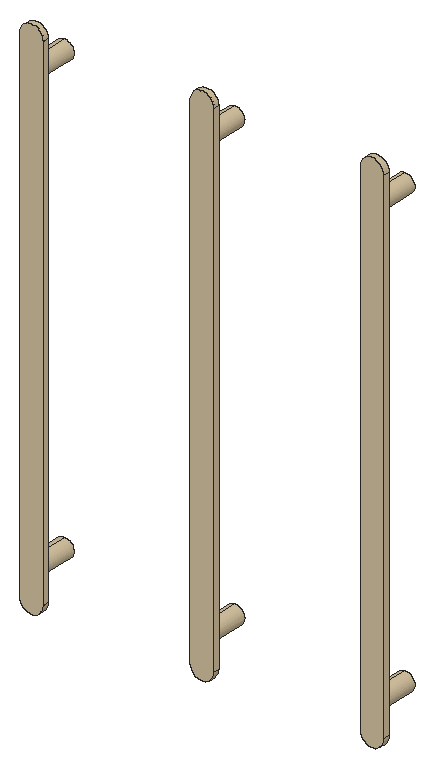
Revit family "Reece_Accessory_Mizu_Soothe_Heated Towel Rail_Vertical_Triple", category Plumbing Fixtures, Revit 2018
Family settings
  Round Connector Dimension = Use Diameter
  Part Type = Normal
  Work Plane-Based = Yes
  Always vertical = Yes
  Cut with Voids When Loaded = Yes
  Shared = Yes
  Room Calculation Point = Yes
Parameters (values of type "Brushed Gold")
  URL = "https://www.reece.com.au/product/-2002800"
  Type Comments = "Accessory"
  Reece_Right_Rail_Spacing [instance] = 290 mm
  Reece_Right_Offset [instance] = if(Reece_Right_Rail_Spacing < 40 mm, 40 mm, if(Reece_Right_Rail_Spacing > 32 mm, Reece_Right_Rail_Spacing, Reece_Right_Rail_Spacing))  # 290 mm
  Reece_Product_Web Page = "https://www.reece.com.au/product/-2002800"
  Reece_Product_Type = "Accessory"  # constant formula
  Reece_Product_Sub Brand = "Soothe"  # constant formula
  Reece_Product_Number = "2002800"
  Reece_Product_Mount = "Wall Mounted"  # constant formula
  Reece_Product_Description = "Mizu Soothe Vertical Heated Towel Rail (Triple Pack) Brushed Gold"
  Reece_Product_Brand = "Mizu"  # constant formula
  Reece_Overall_Width = 40 mm  # constant formula
  Reece_Overall_Height = 900 mm  # constant formula
  Reece_Material_Main = Reece_Brass_Brushed Gold
  Reece_Left_Rail_Spacing [instance] = 290 mm
  Reece_Left_Offset [instance] = if(Reece_Left_Rail_Spacing < 40 mm, 40 mm, if(Reece_Left_Rail_Spacing > 32 mm, Reece_Left_Rail_Spacing, Reece_Left_Rail_Spacing))  # 290 mm
  Reece_Height_From_Level [instance] = 600 mm
  Reece_Fixing_Point_Distance = 760 mm  # constant formula
  Reece_Electrical_Wattage = 20 W  # constant formula
  Reece_Electrical_Voltage = 12 V  # constant formula
  Reece_Electrical_IP Rating = "IP45"  # constant formula
  Reece_Detail_Shape = ""
  Reece_Detail_Installation = ""
  Reece_Detail_Connector = "Electrical input required. Refer to the product web page for further details."  # constant formula
  Reece_Detail_Additional = "Triple Pack, Vertical"  # constant formula
  Reece_Bottom_Offset [instance] = if(Reece_Height_From_Level < 600 mm, 600 mm, if(Reece_Height_From_Level > 600 mm, Reece_Height_From_Level, if(Reece_Height_From_Level = 0 mm, Reece_Height_From_Level, Reece_Height_From_Level)))  # 600 mm
  Reece_Accessory_Projection = 70 mm  # constant formula
  Model = "Soothe"
  Manufacturer = "Mizu"
  Keynote = "Product #2002800, Reece_Accessory_Mizu_Soothe_Heated Towel Rail_Vertical_Triple - Brushed Gold"
  Disclaimer = "THIS FILE IS THE PROPERTY OF THE REECE GROUP. IT MAY NOT BE REPRODUCED, REVERSE-ENGINEERED OR MODIFIED. ANY REPUBLICATION, TRANSMISSION OR DISTRIBUTION FOR THE PURPOSE OF COMMERCIALLY EXPLOITING THE FILES IS PROHIBITED."  # constant formula
  Description = "Mizu Soothe Vertical Heated Towel Rail (Triple Pack) Brushed Gold"
  Default Elevation = 0 mm
Types (5, lengths in mm): name | URL | Reece_Product_Web Page | Reece_Product_Number | Reece_Product_Description | Reece_Material_Main | Keynote | Description
  Polished Stainless Steel | "https://www.reece.com.au/product/-2002797" | "https://www.reece.com.au/product/-2002797" | "2002797" | "Mizu Soothe Vertical Heated Towel Rail (Triple Pack) Polished Stainless Steel" | Reece_Metal_Stainless Steel_Polished | "Product #2002797, Reece_Accessory_Mizu_Soothe_Heated Towel Rail_Vertical_Triple - Polished Stainless Steel" | "Mizu Soothe Vertical Heated Towel Rail (Triple Pack) Polished Stainless Steel"
  Brushed Stainless Steel | "https://www.reece.com.au/product/-2002798" | "https://www.reece.com.au/product/-2002798" | "2002798" | "Mizu Soothe Vertical Heated Towel Rail (Triple Pack) Brushed Stainless Steel" | Reece_Brass_Brushed Stainless Steel | "Product #2002798, Reece_Accessory_Mizu_Soothe_Heated Towel Rail_Vertical_Triple - Brushed Stainless Steel" | "Mizu Soothe Vertical Heated Towel Rail (Triple Pack) Brushed Stainless Steel"
  Matte Black | "https://www.reece.com.au/product/-2002799" | "https://www.reece.com.au/product/-2002799" | "2002799" | "Mizu Soothe Vertical Heated Towel Rail (Triple Pack) Matte Black" | Reece_Brass_Matte Black | "Product #2002799, Reece_Accessory_Mizu_Soothe_Heated Towel Rail_Vertical_Triple - Matte Black" | "Mizu Soothe Vertical Heated Towel Rail (Triple Pack) Matte Black"
  Brushed Gold | "https://www.reece.com.au/product/-2002800" | "https://www.reece.com.au/product/-2002800" | "2002800" | "Mizu Soothe Vertical Heated Towel Rail (Triple Pack) Brushed Gold" | Reece_Brass_Brushed Gold | "Product #2002800, Reece_Accessory_Mizu_Soothe_Heated Towel Rail_Vertical_Triple - Brushed Gold" | "Mizu Soothe Vertical Heated Towel Rail (Triple Pack) Brushed Gold"
  Brushed Gunmetal | "https://www.reece.com.au/product/-2007892" | "https://www.reece.com.au/product/-2007892" | "2007892" | "Mizu Soothe Vertical Heated Towel Rail (Triple Pack) Brushed Gunmetal" | Reece_Brass_Brushed Gunmetal | "Product #2007892, Reece_Accessory_Mizu_Soothe_Heated Towel Rail_Vertical_Triple - Brushed Gunmetal" | "Mizu Soothe Vertical Heated Towel Rail (Triple Pack) Brushed Gunmetal"
Reference planes
  plane 1 "Center (Front/Back)": y = 0
  plane 2 "Bottom Host Plane": z = -5
  plane 3 "Center (Left/Right)": x = 0
  plane 4 "Fixing Point": z = 600
  plane 5: y = -70
  plane 6: z = 1500
  plane 7: z = 1430
  plane 8: z = 670
  plane 9: x = -290
  plane 10: x = 290
Lines and regions (mm)
  model lines, style "InvisibleLines"
    curve 1: line (0, 0, -5) -> (0, 0, 600)
Text (mm)
  text "Reece ©" at (2943.753, -2068.85, 3004.21), in view "Reece Preview"
  text "Reece Copyright © 2018, Reece Ltd." at (-343.24, -216.413, 0), in view "Ref. Level"
Dimensions and locks
  locked: plane 2 "Bottom Host Plane" to level at 5
  "Reece_Bottom_Offset": plane 4 "Fixing Point" to level
  "Reece_Accessory_Projection": curve 1 to plane 5
  "Reece_Overall_Height": plane 6 to plane 4 "Fixing Point"
  "Reece_Fixing_Point_Distance": plane 7 to plane 8
  plane 6 to plane 7 = 70 mm
  "Reece_Left_Offset": plane 3 "Center (Left/Right)" to plane 9
  "Reece_Right_Offset": plane 10 to plane 3 "Center (Left/Right)"
  aligned and locked: plane 3 "Center (Left/Right)" to nested 2
  aligned and locked: plane 9 to nested 1
  aligned and locked: plane 10 to nested 3
Automatic sketch dimensions
  curve 1 to plane 3 "Center (Left/Right)" = 0 mm
  curve 1 to plane 2 "Bottom Host Plane" = 0 mm
  curve 1 to plane 4 "Fixing Point" = 0 mm
Nested families
  nested 1: "Reece_Accessory_Mizu_Soothe_Heated Towel Rail_Vertical_Nested" at (-290, 0, 600), Reece_Material_Main <- "Reece_Material_Main", type "Reece_Accessory_Mizu_Soothe_Heated Towel Rail_Vertical_Nested"
    with Reece_Material_Main Reece_Brass_Brushed Gold
  nested 2: "Reece_Accessory_Mizu_Soothe_Heated Towel Rail_Vertical_Nested" at (0, 0, 600), Reece_Material_Main <- "Reece_Material_Main", type "Reece_Accessory_Mizu_Soothe_Heated Towel Rail_Vertical_Nested"
    with Reece_Material_Main Reece_Brass_Brushed Gold
  nested 3: "Reece_Accessory_Mizu_Soothe_Heated Towel Rail_Vertical_Nested" at (290, 0, 600), Reece_Material_Main <- "Reece_Material_Main", type "Reece_Accessory_Mizu_Soothe_Heated Towel Rail_Vertical_Nested"
    with Reece_Material_Main Reece_Brass_Brushed Gold
Definition of nested family "Reece_Accessory_Mizu_Soothe_Heated Towel Rail_Vertical_Nested"
  Parameters (values of type "Reece_Accessory_Mizu_Soothe_Heated Towel Rail_Vertical_Nested")
    URL = ""
    Reece_Product_Web Page = ""
    Reece_Product_Type = ""
    Reece_Product_Sub Brand = ""
    Reece_Product_Number = ""
    Reece_Product_Mount = ""
    Reece_Product_Description = ""
    Reece_Product_Brand = ""
    Reece_Overall_Width = 40 mm  # constant formula
    Reece_Overall_Height = 900 mm  # constant formula
    Reece_Material_Main [instance] = none
    Reece_Fixing_Point_Distance = 760 mm  # constant formula
    Reece_Electrical_Wattage = 0 W
    Reece_Electrical_Voltage = 0 V
    Reece_Electrical_IP Rating = "0"
    Reece_Detail_Shape = ""
    Reece_Detail_Installation = ""
    Reece_Detail_Connector = ""
    Reece_Detail_Additional = ""
    Reece_Accessory_Projection = 70 mm  # constant formula
    Keynote = ""
    Description = ""
    Default Elevation = 0 mm
  Reference planes
    plane 1 "Center (Front/Back)": y = 0
    plane 2 "Bottom Host Plane": z = -5
    plane 3 "Center (Left/Right)": x = 0
    plane 4 "Fixing Point": z = 0
    plane 5: y = -70
    plane 6: z = 900
    plane 7: z = 830
    plane 8: z = 70
  Forms (mm)
    Revolve 1, solid, material <- "Reece_Material_Main"
      sketch origin (0, 0, 70) x (0, 1, 0) y (0, 0, 1)
        loop
          line (0, 0) -> (0, 16) -> (-60, 16) -> (-60, 0) -> (0, 0)
        axis (-60, 0) -> (0, 0)
      angle from 0 to 360
    Revolve 2, solid, material <- "Reece_Material_Main"
      sketch origin (0, 0, 70) x (0, 1, 0) y (0, 0, 1)
        loop
          line (0, 760) -> (0, 776) -> (-60, 776) -> (-60, 760) -> (0, 760)
        axis (-60, 760) -> (0, 760)
      angle from 0 to 360
    Extrusion 3, solid, material <- "Reece_Material_Main"
      sketch origin (0, -60, 70) x (1, 0, 0) y (0, 0, 1)
        loop
          line (20, -50) -> (20, 810)
          arc (20, 810) -> (0, 830) -> (-20, 810) r 20
          line (-20, 810) -> (-20, -50)
          arc (-20, -50) -> (0, -70) -> (20, -50) r 20
      from 0 to 10
  Text (mm)
    text "Reece ©" at (2943.753, -2068.85, 3004.21), in view "Reece Preview"
    text "Reece Copyright © 2018, Reece Ltd." at (-389.438, -177.531, 0), in view "Ref. Level"
  Dimensions and locks
    locked: plane 2 "Bottom Host Plane" to level at 5
    plane 4 "Fixing Point" to level = 0 mm
    locked: plane 6 to plane 7 at 70
    "Reece_Fixing_Point_Distance": plane 7 to plane 8
    "Reece_Overall_Height": plane 6 to plane 4 "Fixing Point"
    equal spacing: Extrusion 3 sketch curve, plane 3 "Center (Left/Right)", Extrusion 3 sketch curve
    "Reece_Overall_Width": Extrusion 3 sketch curve to Extrusion 3 sketch curve
    locked: Extrusion 3 sketch curve to plane 4 "Fixing Point" at 20
    locked: plane 6 to Extrusion 3 sketch curve at 20
  Automatic sketch dimensions
    Revolve 1 sketch curve to plane 1 "Center (Front/Back)" = 0 mm
    Revolve 1 sketch curve to plane 5 = 10 mm
    plane 4 "Fixing Point" to Revolve 1 sketch curve = 70 mm
    Revolve 1 sketch curve to Revolve 1 sketch curve = 16 mm
    Revolve 1 sketch curve to Revolve 1 sketch curve = 0 mm  (x2)
    Revolve 1 sketch curve to plane 1 "Center (Front/Back)" = 10 mm
    Revolve 2 sketch curve to plane 1 "Center (Front/Back)" = 0 mm
    Revolve 2 sketch curve to plane 5 = 10 mm
    Revolve 2 sketch curve to Revolve 2 sketch curve = 16 mm
    Revolve 2 sketch curve to Revolve 2 sketch curve = 0 mm  (x2)
    Revolve 2 sketch curve to plane 1 "Center (Front/Back)" = 15 mm
    Revolve 2 sketch curve to plane 6 = 70 mm
